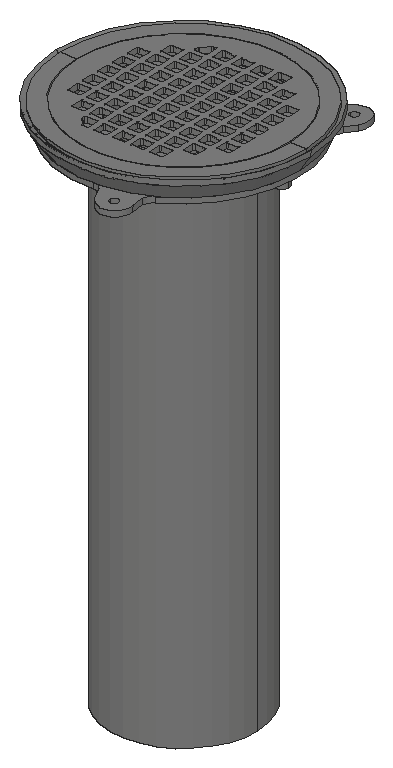
Revit family "Drain_Floor_Shallow_POD_PRO_Zurn-ZPD1-H", category Plumbing Fixtures, Revit 2022 (continued)
Forms (in)
  Extrusion 3, solid, material "Steel - Zurn - Stainless Type 304 CF8" <- "Top Assembly", detail levels fine
    sketch origin (0, 0, 0) x (1, 0, 0) y (0, 1, 0)
      loop
        spline (-1.03125, 1.62491) -> (-1.03098, 1.62084) -> (-1.03019, 1.61684) -> (-1.02888, 1.61298) -> (-1.02708, 1.60932) -> (-1.02482, 1.60593) -> (-1.02213, 1.60287) -> (-1.01907, 1.60018) -> (-1.01568, 1.59792) -> (-1.01202, 1.59612) -> (-1.00816, 1.59481) -> (-1.00416, 1.59402) -> (-1.00009, 1.59375)
        line (-1.00009, 1.59375) -> (-0.74991, 1.59375)
        spline (-0.74991, 1.59375) -> (-0.74584, 1.59402) -> (-0.74184, 1.59481) -> (-0.73798, 1.59612) -> (-0.73432, 1.59792) -> (-0.73093, 1.60018) -> (-0.72787, 1.60287) -> (-0.72518, 1.60593) -> (-0.72292, 1.60932) -> (-0.72112, 1.61298) -> (-0.71981, 1.61684) -> (-0.71902, 1.62084) -> (-0.71875, 1.62491)
        line (-0.71875, 1.62491) -> (-0.71875, 1.87509)
        spline (-0.71875, 1.87509) -> (-0.71902, 1.87916) -> (-0.71981, 1.88316) -> (-0.72112, 1.88702) -> (-0.72292, 1.89068) -> (-0.72518, 1.89407) -> (-0.72787, 1.89713) -> (-0.73093, 1.89982) -> (-0.73432, 1.90208) -> (-0.73798, 1.90388) -> (-0.74184, 1.90519) -> (-0.74584, 1.90598) -> (-0.74991, 1.90625)
        line (-0.74991, 1.90625) -> (-0.84489, 1.90625)
      loop
        circle (0, 0) r 2.5
    from 0 to -0.125
  Extrusion 4, solid, material "Steel - Zurn - Stainless Type 304 CF8" <- "Main Material", detail levels fine
    sketch origin (0, 0, 0) x (1, 0, 0) y (0, 1, 0)
      loop
        circle (-3.0487, 0.8169) r 0.1005
      loop
        circle (2.23181, 2.23181) r 0.1005
      loop
        circle (0.8169, -3.0487) r 0.1005
      loop
        arc (1.46119, 2.33543) -> (-0.71301, 2.661) -> (-2.43314, 1.29195) r 2.75487
        arc (-2.43314, 1.29195) -> (-2.5346, 1.18952) -> (-2.67574, 1.16014) r 0.25
        line (-2.67574, 1.16014) -> (-2.98541, 1.18724)
        arc (-2.98541, 1.18724) -> (-3.38545, 0.90713) -> (-3.17906, 0.46453) r 0.37987
        line (-3.17906, 0.46453) -> (-2.89733, 0.33315)
        arc (-2.89733, 0.33315) -> (-2.78979, 0.23714) -> (-2.75314, 0.09771) r 0.25
        arc (-2.75314, 0.09771) -> (-1.94799, -1.94799) -> (0.09771, -2.75314) r 2.75487
        arc (0.09771, -2.75314) -> (0.23714, -2.78979) -> (0.33315, -2.89733) r 0.25
        line (0.33315, -2.89733) -> (0.46453, -3.17906)
        arc (0.46453, -3.17906) -> (0.90713, -3.38545) -> (1.18724, -2.98541) r 0.37987
        line (1.18724, -2.98541) -> (1.16014, -2.67574)
        arc (1.16014, -2.67574) -> (1.18952, -2.5346) -> (1.29195, -2.43314) r 0.25
        arc (1.29195, -2.43314) -> (2.661, -0.71301) -> (2.33543, 1.46119) r 2.75487
        arc (2.33543, 1.46119) -> (2.29745, 1.60026) -> (2.34258, 1.73718) r 0.25
        line (2.34258, 1.73718) -> (2.52088, 1.99182)
        arc (2.52088, 1.99182) -> (2.47832, 2.47832) -> (1.99182, 2.52088) r 0.37987
        line (1.99182, 2.52088) -> (1.73718, 2.34258)
        arc (1.73718, 2.34258) -> (1.60026, 2.29745) -> (1.46119, 2.33543) r 0.25
      loop
        circle (0, 0) r 2.3125
    from -0.5 to -0.625
  Extrusion 5, solid, material "Steel - Zurn - Stainless Type 304 CF8" <- "Main Material", detail levels fine
    sketch origin (0, 0, 0) x (1, 0, 0) y (0, 1, 0)
      loop
        circle (0, 0) r 2.266
      loop
        circle (0, 0) r 1.781
    from -0.625 to -0.781
  Extrusion 6, solid, material "Steel - Zurn - Stainless Type 304 CF8" <- "Main Material", detail levels fine
    sketch origin (0, 0, 0) x (1, 0, 0) y (0, 1, 0)
      loop
        circle (0, 0) r 2.094
      loop
        circle (0, 0) r 1.5
    from -0.5 to -0.281
  Extrusion 7, solid, material "Steel - Zurn - Stainless Type 304 CF8" <- "Main Material", detail levels fine
    sketch origin (0, 0, 0) x (1, 0, 0) y (0, 1, 0)
      loop
        circle (0, 0) r 1.75
      loop
        circle (0, 0) r 1.5
    from -0.281 to -12.656
  Extrusion 8, solid, material "Steel - Zurn - Stainless Type 304 CF8" <- "Main Material", detail levels fine
    sketch origin (0, 0, 0) x (1, 0, 0) y (0, 1, 0)
      loop
        circle (2.3125, 0) r 0.15538
      loop
        circle (0, 2.3125) r 0.15538
      loop
        circle (-2.3125, 0) r 0.15538
      loop
        circle (0, -2.3125) r 0.15538
      loop
        circle (0.97656, -1.69146) r 0.16357
      loop
        circle (1.69146, 0.97656) r 0.16357
      loop
        circle (-0.97656, 1.69146) r 0.16357
      loop
        circle (-1.69146, -0.97656) r 0.16357
    from -0.625 to -0.969
Lines and regions (in)
  model lines, detail levels coarse+medium
    curve 1: circle (0, 0, 0) r 3 normal (0, 0, 1)
    curve 2: line (0, 0, 0) -> (0, 0, -12.656)
  symbolic lines
    curve 3: circle (0, 0, 0) r 3 normal (0, 0, 1)
  symbolic lines, detail levels fine
    curve 4: circle (0, 0, 0) r 2.5 normal (0, 0, 1)
Dimensions and locks (in)
  equal spacing: plane 7, plane 3 "Center (Left/Right)", plane 6, locked at 3 each
  "Width": plane 7 to plane 6
  equal spacing: plane 4, plane 1 "Center (Front/Back)", plane 5, locked at 3 each
  "Length": plane 4 to plane 5
  locked: level to plane 8 at 0.125
  locked: level to plane 9 at 0.25
  locked: level to plane 10 at 0.5
  locked: plane 12 to plane 3 "Center (Left/Right)" at 2.75
  plane 17 to plane 3 "Center (Left/Right)" = 0' - 2.157"
  plane 15 to plane 3 "Center (Left/Right)" = 0' - 2.508"
  plane 16 to plane 3 "Center (Left/Right)" = 0' - 2.891"
  level to plane 18 = 0' - 0.063"
  locked: plane 10 to plane 19 at 0.125
  locked: plane 9 to plane 21 at 0.031
  "Drop-in Outlet Range": plane 10 to plane 11
  locked: plane 10 to plane 20 at 0.281
  locked: plane 10 to plane 22 at 0.469
  "Outlet Radius": radius of Extrusion 6 sketch curve
  "Outlet Radius": radius of Extrusion 7 sketch curve
  "Outlet Outer Radius": radius of Extrusion 7 sketch curve
  radius of Extrusion 5 sketch curve = 0' - 2.266"
  radius of Extrusion 5 sketch curve = 0' - 1.781"
  aligned and locked: plane 2 to level
  aligned and locked: plane 6 to Revolve 1 sketch curve
  aligned and locked: plane 9 to Revolve 1 sketch curve
  aligned and locked: Revolve 1 sketch curve to plane 13
  aligned and locked: Revolve 1 sketch curve to plane 10
  aligned and locked: Revolve 1 sketch curve to plane 3 "Center (Left/Right)"
  aligned and locked: Revolve 2 sketch curve to plane 3 "Center (Left/Right)"
  aligned and locked: Revolve 2 sketch curve to Revolve 1
  aligned and locked: plane 8 to Revolve 2 sketch curve
  aligned and locked: level to Revolve 2 sketch curve
  aligned and locked: plane 16 to Revolve 2 sketch curve
  aligned and locked: Revolve 2 sketch curve to plane 15
  aligned and locked: Extrusion 3 to level
  aligned and locked: Extrusion 3 to plane 8
  aligned and locked: Extrusion 4 to plane 10
  aligned and locked: Extrusion 4 to plane 19
  aligned and locked: plane 3 "Center (Left/Right)" to Extrusion 5 sketch curve  (x2)
  aligned and locked: plane 1 "Center (Front/Back)" to Extrusion 5 sketch curve  (x2)
  aligned and locked: Extrusion 4 to Extrusion 5
  aligned and locked: plane 3 "Center (Left/Right)" to Extrusion 6 sketch curve  (x2)
  aligned and locked: plane 1 "Center (Front/Back)" to Extrusion 6 sketch curve  (x2)
  aligned and locked: Extrusion 6 to plane 10
  aligned and locked: plane 3 "Center (Left/Right)" to Extrusion 7 sketch curve  (x2)
  aligned and locked: plane 1 "Center (Front/Back)" to Extrusion 7 sketch curve  (x2)
  aligned and locked: Extrusion 7 to plane 11
  aligned and locked: Extrusion 6 to Extrusion 7
  aligned and locked: Extrusion 5 to plane 20
  aligned and locked: Extrusion 4 to Extrusion 8
  aligned and locked: Extrusion 8 to plane 22
  aligned and locked: plane 1 "Center (Front/Back)" to curve 1
  aligned and locked: plane 3 "Center (Left/Right)" to curve 1
  aligned and locked: curve 2 to plane 3 "Center (Left/Right)"
Automatic sketch dimensions
  Revolve 1 sketch curve to plane 14 = 0' - 0"
  Revolve 1 sketch curve to plane 12 = 0' - 0"
  Revolve 1 sketch curve to plane 8 = 0' - 0"
  Revolve 1 sketch curve to level = 0' - 0"
  Revolve 1 sketch curve to plane 10 = 0' - 0.33945"
  level to Revolve 1 sketch curve = 0' - 0.31342"
  Revolve 2 sketch curve to plane 17 = 0' - 0"
  Revolve 2 sketch curve to plane 15 = 0' - 0"
  Revolve 2 sketch curve to plane 18 = 0' - 0"
  Revolve 2 sketch curve to plane 10 = 0' - 0.17679"
  level to Revolve 2 sketch curve = 0' - 0.10293"
  Extrusion 3 sketch curve to plane 12 = 0' - 4 21/32"
  Extrusion 3 sketch curve to Extrusion 3 sketch curve = 0' - 0"  (x121)
  Extrusion 3 sketch curve to Extrusion 3 sketch curve = 0' - 0.03116"  (x386)
  Extrusion 3 sketch curve to Extrusion 3 sketch curve = 0' - 0.25019"  (x135)
  Extrusion 3 sketch curve to Extrusion 3 sketch curve = 0' - 0 1/8"  (x113)
  Extrusion 3 sketch curve to Extrusion 3 sketch curve = 0' - 0.15616"  (x4)
  Extrusion 3 sketch curve to plane 12 = 0' - 3.93741"  (x8)
  Extrusion 3 sketch curve to plane 12 = 0' - 3 57/64"  (x2)
  Extrusion 3 sketch curve to plane 12 = 0' - 3 25/32"  (x9)
  Extrusion 3 sketch curve to Extrusion 3 sketch curve = 0' - 0.01714"  (x2)
  Extrusion 3 sketch curve to plane 12 = 0' - 3.75009"  (x16)
  Extrusion 3 sketch curve to plane 12 = 0' - 3.62439"  (x2)
  Extrusion 3 sketch curve to Extrusion 3 sketch curve = 0' - 0.0295"  (x2)
  Extrusion 3 sketch curve to plane 6 = 0' - 3.74991"  (x18)
  Extrusion 3 sketch curve to plane 6 = 0' - 3 23/32"  (x9)
  Extrusion 3 sketch curve to Extrusion 3 sketch curve = 0' - 0.12509"  (x3)
  Extrusion 3 sketch curve to plane 4 = 0' - 4.97562"
  Extrusion 3 sketch curve to plane 4 = 0' - 4 29/32"
  Extrusion 3 sketch curve to Extrusion 3 sketch curve = 0' - 0.06937"
  Extrusion 3 sketch curve to Extrusion 3 sketch curve = 0' - 0.02113"
  Extrusion 3 sketch curve to Extrusion 3 sketch curve = 0' - 0.02783"  (x2)
  Extrusion 3 sketch curve to Extrusion 3 sketch curve = 0' - 0.07175"  (x2)
  Extrusion 3 sketch curve to Extrusion 3 sketch curve = 0' - 0.01003"
  Extrusion 3 sketch curve to Extrusion 3 sketch curve = 0' - 0.02204"  (x161)
  Extrusion 3 sketch curve to Extrusion 3 sketch curve = 0' - 0.00912"  (x95)
  Extrusion 3 sketch curve to Extrusion 3 sketch curve = 0' - 0.00009"  (x161)
  Extrusion 3 sketch curve to Extrusion 3 sketch curve = 0' - 0 1/32"  (x79)
  Extrusion 3 sketch curve to plane 12 = 0' - 3 3/4"  (x16)
  Extrusion 3 sketch curve to plane 6 = 0' - 3 3/4"  (x18)
  Extrusion 3 sketch curve to plane 6 = 0' - 3.72787"  (x18)
  Extrusion 4 sketch curve to Extrusion 4 sketch curve = 0' - 0"  (x9)
  Extrusion 4 sketch curve to plane 12 = 0' - 5.92906"
  Extrusion 4 sketch curve to Extrusion 4 sketch curve = 0' - 0.13036"
  Extrusion 4 sketch curve to Extrusion 4 sketch curve = 0' - 0.03019"  (x2)
  Extrusion 4 sketch curve to plane 12 = 0' - 5.75298"
  Extrusion 4 sketch curve to plane 12 = 0' - 5.73541"
  Extrusion 4 sketch curve to plane 12 = 0' - 5.64733"
  Extrusion 4 sketch curve to plane 12 = 0' - 5.42574"
  Extrusion 4 sketch curve to plane 12 = 0' - 5.40395"
  Extrusion 4 sketch curve to plane 6 = 0' - 3"
  Extrusion 4 sketch curve to plane 6 = 0' - 2.89342"
  Extrusion 4 sketch curve to Extrusion 4 sketch curve = 0' - 0 29/128"  (x2)
  Extrusion 4 sketch curve to Extrusion 4 sketch curve = 0' - 0.13137"  (x2)
  Extrusion 4 sketch curve to Extrusion 4 sketch curve = 0' - 0.34428"  (x2)
  Extrusion 4 sketch curve to Extrusion 4 sketch curve = 0' - 0.00809"  (x2)
  Extrusion 4 sketch curve to Extrusion 4 sketch curve = 0' - 0.35133"
  Extrusion 4 sketch curve to plane 4 = 0' - 5.98541"
  Extrusion 4 sketch curve to Extrusion 4 sketch curve = 0' - 0.02709"  (x2)
  Extrusion 4 sketch curve to Extrusion 4 sketch curve = 0' - 0.24905"  (x2)
  Extrusion 4 sketch curve to Extrusion 4 sketch curve = 0' - 1.59379"  (x2)
  Extrusion 4 sketch curve to Extrusion 4 sketch curve = 0' - 0.14339"  (x2)
  Extrusion 4 sketch curve to Extrusion 4 sketch curve = 0' - 0.25464"  (x2)
  Extrusion 4 sketch curve to Extrusion 4 sketch curve = 0' - 0.21789"  (x2)
  Extrusion 4 sketch curve to Extrusion 4 sketch curve = 0' - 0.0221"  (x2)
  Extrusion 4 sketch curve to Extrusion 4 sketch curve = 0' - 0.13287"
  Extrusion 4 sketch curve to Extrusion 4 sketch curve = 0' - 0.1783"  (x2)
  Extrusion 4 sketch curve to Extrusion 4 sketch curve = 0' - 0.20479"  (x2)
  Extrusion 4 sketch curve to Extrusion 4 sketch curve = 0' - 0.01757"
  Extrusion 4 sketch curve to Extrusion 4 sketch curve = 0' - 0.03311"
  Extrusion 4 sketch curve to Extrusion 4 sketch curve = 0' - 0.10565"
  Extrusion 4 sketch curve to Extrusion 4 sketch curve = 0' - 0.30967"
  Extrusion 4 sketch curve to Extrusion 4 sketch curve = 0' - 0.02179"
  Extrusion 4 sketch curve to Extrusion 4 sketch curve = 0' - 2.67574"
  Extrusion 4 sketch curve to Extrusion 4 sketch curve = 0' - 0.10658"
  plane 1 "Center (Front/Back)" to Extrusion 8 sketch curve = 0' - 0"  (x2)
  Extrusion 8 sketch curve to plane 3 "Center (Left/Right)" = 0' - 0"  (x2)
  Extrusion 8 sketch curve to plane 3 "Center (Left/Right)" = 0' - 0 125/128"
  plane 7 to Extrusion 8 sketch curve = 0' - 1.30854"
  plane 7 to Extrusion 8 sketch curve = 0' - 0 11/16"
  plane 3 "Center (Left/Right)" to Extrusion 8 sketch curve = 0' - 0 125/128"
  Extrusion 8 sketch curve to plane 12 = 0' - 1.05854"
  Extrusion 8 sketch curve to plane 12 = 0' - 0 7/16"
  plane 1 "Center (Front/Back)" to Extrusion 8 sketch curve = 0' - 0 125/128"
  plane 5 to Extrusion 8 sketch curve = 0' - 1.30854"
  plane 5 to Extrusion 8 sketch curve = 0' - 0 11/16"
  Extrusion 8 sketch curve to plane 1 "Center (Front/Back)" = 0' - 0 125/128"
  Extrusion 8 sketch curve to plane 4 = 0' - 1.30854"
  Extrusion 8 sketch curve to plane 4 = 0' - 0 11/16"
  plane 11 to curve 2 = 0' - 0"
  plane 22 to curve 2 = 0' - 0.969"
  curve 1 to curve 3 = 0' - 0"  (x2)
  curve 1 to curve 4 = 0' - 0"  (x2)
  radius of Extrusion 3 sketch curve = 0' - 2 1/2"
  radius of Extrusion 4 sketch curve = 0' - 0.1005"  (x3)
  radius of Extrusion 4 sketch curve = 0' - 2 5/16"
  radius of Extrusion 8 sketch curve = 0' - 0.15538"  (x4)
  radius of Extrusion 8 sketch curve = 0' - 0.16357"  (x4)
  radius of curve 1 = 0' - 3"
  radius of curve 3 = 0' - 3"
  radius of curve 4 = 0' - 2 1/2"
  radius of Extrusion 6 sketch curve = 0' - 2.094"
Connectors (in)
  piping at (0, 0, -12.656), diameter 3, driven by "Outlet Radius", driven by "Waste Connection"
    settings: on Extrusion 7, index 1, connector inside diameter 24", connector length 0' - 0", flow factor 0, pipe flow 0 GPM, pressure drop 0.00 psi, fitting loss kfactor 0, connector angle 0.00°, fixture units 0, engagement length 0' - 0", angle of deflection 0.00°, flow configuration 0, flow direction 2, fitting loss method 0, system type 16, joint type 0, gender type 0, connector reference index -1, connector utility 1, adjustable connector no, is connector primary yes, connector description "Bottom Outlet"
Types (5): name | Type Comments | Top Assembly | Outlet Radius | Outlet Outer Radius
  (no name) | "ZPD1-6H-3NH-SS w/ Stainless Steel Top" | Steel - Zurn - Stainless Type 304 CF8 | 0' - 1 1/2" | 0' - 1 3/4"
  ZPD1-6H-3NH-NB | "ZPD1-6H-3NH-NB w/ Nickel Bronze Top" | Bronze - Zurn Industrie, LLC - Polished Nickel | 0' - 1 1/2" | 0' - 1 3/4"
  ZPD1-6H-2NH-NB | "ZPD1-6H-2NH-NB w/ Nickel Bronze Top" | Bronze - Zurn Industrie, LLC - Polished Nickel | 0' - 1" | 0' - 1.188"
  ZPD1-6H-3NH-SS | "ZPD1-6H-3NH-SS w/ Stainless Steel Top" | Steel - Zurn - Stainless Type 304 CF8 | 0' - 1 1/2" | 0' - 1 3/4"
  ZPD1-6H-2NH-SS | "ZPD1-6H-2NH-SS w/ Stainless Steel Top" | Steel - Zurn - Stainless Type 304 CF8 | 0' - 1" | 0' - 1.188"
